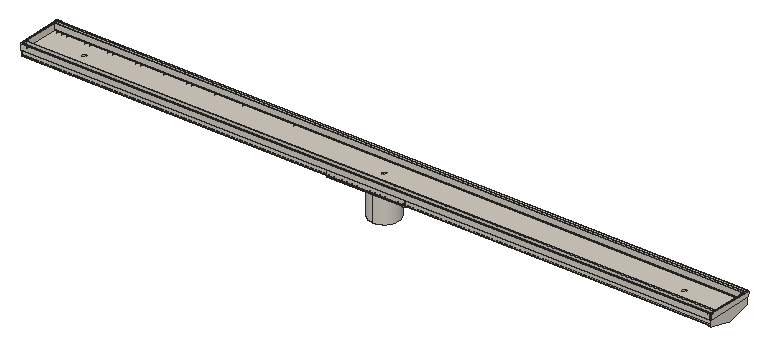
Revit family "Drain_Channel_Nero_TileInsert_50mmOutlet", category Plumbing Fixtures, Revit 2022
Family settings
  Round Connector Dimension = Use Diameter
  Part Type = Normal
  OmniClass Number = 23.31.11.00
  OmniClass Title = Faucets
  Work Plane-Based = No
  Always vertical = Yes
  Cut with Voids When Loaded = Yes
  Maintain Annotation Orientation = No
  Shared = No
  Room Calculation Point = No
Parameters (values of type "Brushed Nickel (NRFG007HSBN)")
  Waste Connection = no
  WFU = 0
  Vent Connection = no
  Uniclass2015Version = "Products v1.35"
  Uniclass2015Title = "Drainage channels with gratings"
  Uniclass2015Code = "Pr_65_52_24_24"
  URL = "https://nerotapware.com.au/"
  Type Comments = "Drain - Channel - 50mm Outlet - Brushed Nickel"
  ModifiedIssue = 20251105
  Model = "NRFG007HSBN"
  Material = Metal_Nickel_Nero_Brushed
  ManufacturerURLProductSpecific = "https://nerotapware.com.au/product/tile-insert-v-channel-1200mm-floor-grate-50mm-outlet-with-hole-saw-brushed-nickel-nrfg007hsbn/"
  ManufacturerSpecCode = "NRFG007HSBN"
  ManufacturerOverallWidth = 1200 mm
  ManufacturerOverallHeight = 76 mm
  ManufacturerOverallDepth = 82 mm
  Manufacturer = "Nero"
  IfcExportType = "NOTDEFINED"
  IfcExportAs = "IfcSanitaryTerminal"
  HWFU = 0
  HW Connection = yes
  Description = "Tile Insert V Channel 1200mm Floor Grate 50mm Outlet With Hole Saw Brushed Nickel"
  Default Elevation = 0 mm  # constant formula
  CreatedByURL = "https://igsgroup.com.au"
  CreatedBy = "IGS BIM Solutions"  # constant formula
  CWFU = 0
  CW Connection = yes
  Assembly Code = "D2010"
Types (10, lengths in mm): name | Type Comments | Model | Material | ManufacturerURLProductSpecific | ManufacturerSpecCode | ManufacturerOverallWidth | Description
  Brushed Bronze (NRFG007HSBZ) | "Drain - Channel - 50mm Outlet - Brushed Bronze" | "NRFG007HSBZ" | Metal_Bronze_Nero_Brushed | "https://nerotapware.com.au/product/tile-insert-v-channel-1200mm-floor-grate-50mm-outlet-with-hole-saw-brushed-bronze-nrfg007hsbz/" | "NRFG007HSBZ" | 1200 | "Tile Insert V Channel 1200mm Floor Grate 50mm Outlet With Hole Saw Brushed Bronze"
  Brushed Nickel (NRFG007HSBN) | "Drain - Channel - 50mm Outlet - Brushed Nickel" | "NRFG007HSBN" | Metal_Nickel_Nero_Brushed | "https://nerotapware.com.au/product/tile-insert-v-channel-1200mm-floor-grate-50mm-outlet-with-hole-saw-brushed-nickel-nrfg007hsbn/" | "NRFG007HSBN" | 1200 | "Tile Insert V Channel 1200mm Floor Grate 50mm Outlet With Hole Saw Brushed Nickel"
  Brushed Gold (NRFG007HSBG) | "Drain - Channel - 50mm Outlet - Brushed Gold" | "NRFG007HSBG" | Metal_Gold_Nero_Brushed | "https://nerotapware.com.au/product/tile-insert-v-channel-1200mm-floor-grate-50mm-outlet-with-hole-saw-brushed-gold-nrfg007hsbg/" | "NRFG007HSBG" | 1200 | "Tile Insert V Channel 1200mm Floor Grate 50mm Outlet With Hole Saw Brushed Gold"
  Matte Black (NRFG007HSMB) | "Drain - Channel - 50mm Outlet - Matte Black" | "NRFG007HSMB" | Metal_MatteBlack_Nero | "https://nerotapware.com.au/product/tile-insert-v-channel-1200mm-floor-grate-50mm-outlet-with-hole-saw-matte-black-nrfg007hsmb/" | "NRFG007HSMB" | 1200 | "Tile Insert V Channel 1200mm Floor Grate 50mm Outlet With Hole Saw Matte Black"
  Gunmetal (NRFG007HSGM) | "Drain - Channel - 50mm Outlet - Gunmetal" | "NRFG007HSGM" | Metal_GunMetal_Nero | "https://nerotapware.com.au/product/tile-insert-v-channel-1200mm-floor-grate-50mm-outlet-with-hole-saw-gun-metal-nrfg007hsgm/" | "NRFG007HSGM" | 1200 | "Tile Insert V Channel 1200mm Floor Grate 50mm Outlet With Hole Saw Gun Metal"
  Brushed Bronze (NRFG006HSBZ) | "Drain - Channel - 50mm Outlet - Brushed Bronze" | "NRFG006HSBZ" | Metal_Bronze_Nero_Brushed | "https://nerotapware.com.au/product/tile-insert-v-channel-600mm-floor-grate-50mm-outlet-with-hole-saw-brushed-bronze-nrfg006hsbz/" | "NRFG006HSBZ" | 600 | "Tile Insert V Channel 600mm Floor Grate 50mm Outlet With Hole Saw"
  Brushed Nickel (NRFG006HSBN) | "Drain - Channel - 50mm Outlet - Brushed Nickel" | "NRFG006HSBN" | Metal_Nickel_Nero_Brushed | "https://nerotapware.com.au/product/tile-insert-v-channel-600mm-floor-grate-50mm-outlet-with-hole-saw-brushed-nickel-nrfg006hsbn/" | "NRFG006HSBN" | 600 | "Tile Insert V Channel 600mm Floor Grate 50mm Outlet With Hole Saw Brushed Nickel"
  Brushed Gold (NRFG006HSBG) | "Drain - Channel - 50mm Outlet - Brushed Gold" | "NRFG006HSBG" | Metal_Gold_Nero_Brushed | "https://nerotapware.com.au/product/tile-insert-v-channel-600mm-floor-grate-50mm-outlet-with-hole-saw-brushed-gold-nrfg006hsbg/" | "NRFG006HSBG" | 600 | "Tile Insert V Channel 600mm Floor Grate 50mm Outlet With Hole Saw Brushed Gold"
  Matte Black (NRFG006HSMB) | "Drain - Channel - 50mm Outlet - Matte Black" | "NRFG006HSMB" | Metal_MatteBlack_Nero | "https://nerotapware.com.au/product/tile-insert-v-channel-600mm-floor-grate-50mm-outlet-with-hole-saw-matte-black-nrfg006hsmb/" | "NRFG006HSMB" | 600 | "Tile Insert V Channel 600mm Floor Grate 50mm Outlet With Hole Saw Matte Black"
  Gunmetal (NRFG006HSGM) | "Drain - Channel - 50mm Outlet - Gunmetal" | "NRFG006HSGM" | Metal_GunMetal_Nero | "https://nerotapware.com.au/product/tile-insert-v-channel-600mm-floor-grate-50mm-outlet-with-hole-saw-gun-metal-nrfg006hsgm/" | "NRFG006HSGM" | 600 | "Tile Insert V Channel 600mm Floor Grate 50mm Outlet With Hole Saw Gun Metal"
Reference planes
  plane 1 "Bottom": z = -76
  plane 2 "Ref. Level": z = 0
  plane 3 "Right": x = 636.665
  plane 4 "Left": x = -563.335
  plane 5 "Center (Front/Back)": y = 73.462
  plane 6 "Back": y = 114.462
  plane 7 "Center (Left/Right)": x = 36.665
  plane 8 "Top": z = 0
  plane 9 "Front": y = 32.462
  plane 10 "LeftOffset": x = -560.335
  plane 11 "RightOffset": x = 633.665
Forms (mm)
  Extrusion 1, solid, material "Metal_Nickel_Nero_Brushed" <- "Material"
    sketch origin (-636.066, 73.462, 1185) x (-1, 0, 0) y (0, 0, -1)
      loop
        line (-1272.731, 1194.5) -> (-1272.731, 1186.5)
        arc (-1272.731, 1186.5) -> (-1271.231, 1185) -> (-1269.731, 1186.5) r 1.5
        line (-1269.731, 1186.5) -> (-1269.731, 1218.618) -> (-1270.931, 1218.618) -> (-1270.931, 1186.5)
        arc (-1270.931, 1186.5) -> (-1271.231, 1186.2) -> (-1271.531, 1186.5) r 0.3
        line (-1271.531, 1186.5) -> (-1271.531, 1194.5) -> (-1272.731, 1194.5)
      loop
        line (-72.731, 1194.5) -> (-73.931, 1194.5) -> (-73.931, 1186.5)
        arc (-73.931, 1186.5) -> (-74.231, 1186.2) -> (-74.531, 1186.5) r 0.3
        line (-74.531, 1186.5) -> (-74.531, 1218.618) -> (-75.731, 1218.618) -> (-75.731, 1186.5)
        arc (-75.731, 1186.5) -> (-74.231, 1185) -> (-72.731, 1186.5) r 1.5
        line (-72.731, 1186.5) -> (-72.731, 1194.5)
    from -41 to 41
  Extrusion 2, solid, material "Metal_Nickel_Nero_Brushed" <- "Material"
    sketch origin (36.665, 85, -47.5) x (0, 1, 0) y (0, 0, 1)
      loop
        line (28.858, 37.079) -> (27.658, 37.079) -> (27.658, 27.579)
        arc (27.658, 27.579) -> (27.324, 26.565) -> (26.453, 25.949) r 1.704
        line (26.453, 25.949) -> (-11.111, 16.233)
        arc (-11.111, 16.233) -> (-11.538, 16.178) -> (-11.964, 16.233) r 1.704
        line (-11.964, 16.233) -> (-49.383, 25.912)
        arc (-49.383, 25.912) -> (-50.354, 26.506) -> (-50.733, 27.579) r 1.704
        line (-50.733, 27.579) -> (-50.733, 37.079) -> (-51.933, 37.079) -> (-51.933, 27.579)
        arc (-51.933, 27.579) -> (-51.295, 25.762) -> (-49.662, 24.744) r 2.904
        line (-49.662, 24.744) -> (-12.265, 15.071)
        arc (-12.265, 15.071) -> (-11.538, 14.978) -> (-10.81, 15.071) r 2.904
        line (-10.81, 15.071) -> (26.585, 24.744)
        arc (26.585, 24.744) -> (28.219, 25.762) -> (28.858, 27.579) r 2.904
        line (28.858, 27.579) -> (28.858, 37.079)
    from -67.5 to 67.5
  Revolve 3, solid, material "Metal_Nickel_Nero_Brushed" <- "Material"
    sketch origin (36.665, 85, -47.5) x (0, 1, 0) y (0, 0, 1)
      loop
        line (-11.538, 25.093) -> (-11.538, -28.5) -> (13.462, -28.5) -> (13.462, 25.093) -> (-11.538, 25.093)
      axis (-11.538, -28.5) -> (-11.538, 25.093)
    angle from 0 to 360
  Extrusion 4, solid, material "Metal_Nickel_Nero_Brushed" <- "Material"
    sketch origin (36.665, 85, -47.5) x (0, 1, 0) y (0, 0, 1)
      loop
        arc (-41.238, 36.7) -> (-41.945, 36.993) -> (-42.238, 37.7) r 1
        line (-42.238, 37.7) -> (-42.238, 47.5) -> (-43.438, 47.5) -> (-43.438, 37.4)
        arc (-43.438, 37.4) -> (-42.881, 36.056) -> (-41.538, 35.5) r 1.9
        line (-41.538, 35.5) -> (-49.288, 27.75) -> (-48.439, 26.901) -> (-41.041, 34.3) -> (17.965, 34.3) -> (25.364, 26.901) -> (26.212, 27.75) -> (18.462, 35.5) -> (19.362, 35.5)
        arc (19.362, 35.5) -> (20.069, 35.793) -> (20.362, 36.5) r 1
        line (20.362, 36.5) -> (20.362, 47.5) -> (19.162, 47.5) -> (19.162, 37.7)
        arc (19.162, 37.7) -> (18.869, 36.993) -> (18.162, 36.7) r 1
        line (18.162, 36.7) -> (-41.238, 36.7)
    from -597 to 597
  Extrusion 5, solid, material "Metal_Nickel_Nero_Brushed" <- "Material"
    sketch origin (36.665, 85, -47.5) x (0, 1, 0) y (0, 0, 1)
      loop
        line (26.455, 46.006) -> (26.455, 27.674)
        arc (26.455, 27.674) -> (26.324, 27.292) -> (25.986, 27.069) r 0.625
        line (25.986, 27.069) -> (-11.137, 17.469)
        arc (-11.137, 17.469) -> (-11.538, 17.418) -> (-11.938, 17.469) r 1.6
        line (-11.938, 17.469) -> (-49.062, 27.069)
        arc (-49.062, 27.069) -> (-49.4, 27.292) -> (-49.53, 27.674) r 0.625
        line (-49.53, 27.674) -> (-49.53, 46.006)
        arc (-49.53, 46.006) -> (-51.034, 47.509) -> (-52.538, 46.006) r 1.504
        line (-52.538, 46.006) -> (-52.538, 37.474) -> (-51.338, 37.474) -> (-51.338, 46.007)
        arc (-51.338, 46.007) -> (-51.036, 46.309) -> (-50.733, 46.007) r 0.302
        line (-50.733, 46.007) -> (-50.733, 27.422)
        arc (-50.733, 27.422) -> (-50.419, 26.504) -> (-49.609, 25.97) r 1.5
        line (-49.609, 25.97) -> (-11.947, 16.228)
        arc (-11.947, 16.228) -> (-11.538, 16.176) -> (-11.129, 16.228) r 1.633
        line (-11.129, 16.228) -> (26.533, 25.97)
        arc (26.533, 25.97) -> (27.344, 26.504) -> (27.658, 27.422) r 1.5
        line (27.658, 27.422) -> (27.658, 46.007)
        arc (27.658, 46.007) -> (27.96, 46.309) -> (28.262, 46.007) r 0.302
        line (28.262, 46.007) -> (28.262, 37.475) -> (29.462, 37.475) -> (29.462, 46.006)
        arc (29.462, 46.006) -> (27.958, 47.509) -> (26.455, 46.006) r 1.504
    from -597 to 597
  Extrusion 6, void
    sketch origin (-563.335, 0, 0) x (0, 1, 0) y (0, 0, -1)
      loop
        arc (73.053, 31.272) -> (73.462, 31.324) -> (73.871, 31.272) r 1.633
        line (73.871, 31.272) -> (111.533, 21.53)
        arc (111.533, 21.53) -> (112.344, 20.996) -> (112.658, 20.078) r 1.5
        line (112.658, 20.078) -> (112.658, 0) -> (114.462, 0) -> (114.462, 33.618) -> (32.462, 33.618) -> (32.462, 0) -> (34.267, 0) -> (34.267, 20.078)
        arc (34.267, 20.078) -> (34.581, 20.996) -> (35.391, 21.53) r 1.5
        line (35.391, 21.53) -> (73.053, 31.272)
    from 0.581 to -5
  Extrusion 7, void
    sketch origin (636.665, 0, 0) x (0, 1, 0) y (0, 0, 1)
      loop
        line (73.053, -31.272) -> (35.391, -21.53)
        arc (35.391, -21.53) -> (34.581, -20.996) -> (34.267, -20.078) r 1.5
        line (34.267, -20.078) -> (34.267, 0) -> (32.462, 0) -> (32.462, -33.618) -> (114.462, -33.618) -> (114.462, 0) -> (112.658, 0) -> (112.658, -20.078)
        arc (112.658, -20.078) -> (112.344, -20.996) -> (111.533, -21.53) r 1.5
        line (111.533, -21.53) -> (73.871, -31.272)
        arc (73.871, -31.272) -> (73.462, -31.324) -> (73.053, -31.272) r 1.633
    from 0.581 to -5
  Extrusion 8, void
    sketch origin (0, 0, 0) x (0, 1, 0) y (-1, 0, 0)
      loop
        circle (73.462, 483.335) r 3
      loop
        circle (73.462, -556.665) r 3
      loop
        circle (73.462, -36.665) r 3
    from 9.394 to -21.551
  Extrusion 9, void
    sketch origin (0, 0, 0) x (0, 1, 0) y (-1, 0, 0)
      loop
        line (114.462, 563.335) -> (32.462, 563.335) -> (32.462, -636.665) -> (114.462, -636.665) -> (114.462, 563.335)
    from 0 to -76
Cuts and joins
  Extrusion 6, Extrusion 7 cuts Extrusion 1
  Extrusion 8 cuts Extrusion 4
Lines and regions (mm)
  Masking region 1
    outline origin (0, 0, 0) x (0, 1, 0) y (-1, 0, 0)
      loop
        line (114.462, 560.335) -> (112.658, 560.335) -> (112.658, 563.335) -> (34.267, 563.335) -> (34.267, 560.335) -> (32.462, 560.335) -> (32.462, -633.665) -> (34.267, -633.665) -> (34.267, -636.665) -> (112.658, -636.665) -> (112.658, -633.665) -> (114.462, -633.665) -> (114.462, 560.335)
  symbolic lines, style "Waste Outlets", detail levels medium+fine
    curve 1: line (-560.335, 111.455, 0) -> (633.665, 111.455, 0)
    curve 2: line (633.665, 105.362, 0) -> (-560.335, 105.362, 0)
    curve 3: line (633.665, 104.162, 0) -> (-560.335, 104.162, 0)
    curve 4: line (633.665, 42.762, 0) -> (-560.335, 42.762, 0)
    curve 5: line (633.665, 41.562, 0) -> (-560.335, 41.562, 0)
    curve 6: line (633.665, 35.47, 0) -> (-560.335, 35.47, 0)
    curve 7: line (-560.335, 35.47, 0) -> (-560.335, 111.455, 0)
    curve 8: line (633.665, 111.455, 0) -> (633.665, 35.47, 0)
Text (mm)
  text "Disclaimer:\nDue to ongoing product development and manufacturing evolution, product details are subject to change without notice. Please refer to product technical data sheets on the manufacturers website for the most current product information. Please allow a +/- 5mm manufacturing tolerance for dimensions and set-outs shown in product literature." at (834.598, 246.224, 0), in view "Ref. Level"
Dimensions and locks
  "ManufacturerOverallWidth": plane 4 "Left" to plane 3 "Right"
  "ManufacturerOverallDepth": plane 9 "Front" to plane 6 "Back"
  equal spacing: plane 4 "Left", plane 7 "Center (Left/Right)", plane 3 "Right"
  equal spacing: plane 9 "Front", plane 5 "Center (Front/Back)", plane 6 "Back"
  "ManufacturerOverallHeight": plane 8 "Top" to plane 1 "Bottom"
  locked: plane 4 "Left" to plane 10 "LeftOffset" at 3
  locked: plane 11 "RightOffset" to plane 3 "Right" at 3
  locked: plane 4 "Left" to Extrusion 8 sketch curve at 80
  locked: Extrusion 8 sketch curve to plane 3 "Right" at 80
  aligned and locked: plane 10 "LeftOffset" to Extrusion 4
  aligned and locked: plane 10 "LeftOffset" to Extrusion 5
  aligned and locked: plane 11 "RightOffset" to Extrusion 4
  aligned and locked: plane 11 "RightOffset" to Extrusion 5
Automatic sketch dimensions
  Extrusion 2 sketch curve to Extrusion 2 sketch curve = 0 mm  (x6)
  Extrusion 2 sketch curve to plane 9 "Front" = 0.604 mm
  Extrusion 2 sketch curve to Extrusion 2 sketch curve = 1.2 mm
  Extrusion 2 sketch curve to plane 9 "Front" = 2.876 mm
  Extrusion 2 sketch curve to Extrusion 2 sketch curve = 0.278 mm
  Extrusion 2 sketch curve to Extrusion 2 sketch curve = 1.704 mm
  plane 5 "Center (Front/Back)" to Extrusion 2 sketch curve = 0.727 mm
  plane 5 "Center (Front/Back)" to Extrusion 2 sketch curve = 0.427 mm
  Extrusion 2 sketch curve to plane 5 "Center (Front/Back)" = 0 mm
  Extrusion 2 sketch curve to plane 5 "Center (Front/Back)" = 0.427 mm
  Extrusion 2 sketch curve to plane 5 "Center (Front/Back)" = 0.727 mm
  plane 6 "Back" to Extrusion 2 sketch curve = 3.509 mm
  Extrusion 2 sketch curve to Extrusion 2 sketch curve = 0.5 mm
  Extrusion 2 sketch curve to Extrusion 2 sketch curve = 0.131 mm
  plane 6 "Back" to Extrusion 2 sketch curve = 1.804 mm
  plane 6 "Back" to Extrusion 2 sketch curve = 0.604 mm
  Extrusion 2 sketch curve to level = 32.429 mm
  Extrusion 2 sketch curve to Extrusion 2 sketch curve = 1.162 mm
  Extrusion 2 sketch curve to Extrusion 2 sketch curve = 1.65 mm
  Extrusion 2 sketch curve to level = 22.756 mm  (x2)
  Extrusion 2 sketch curve to Extrusion 2 sketch curve = 9.5 mm  (x2)
  Revolve 3 sketch curve to plane 5 "Center (Front/Back)" = 0 mm  (x2)
  Revolve 3 sketch curve to plane 1 "Bottom" = 0 mm
  plane 6 "Back" to Revolve 3 sketch curve = 16 mm
  Revolve 3 sketch curve to level = 22.407 mm
  plane 1 "Bottom" to Revolve 3 sketch curve = 5 mm
  Revolve 3 sketch curve to Revolve 3 sketch curve = 16.731 mm
  Extrusion 4 sketch curve to level = 0 mm  (x2)
  Extrusion 4 sketch curve to plane 9 "Front" = 3.25 mm
  Extrusion 4 sketch curve to Extrusion 4 sketch curve = 0.849 mm  (x2)
  Extrusion 4 sketch curve to plane 9 "Front" = 9.1 mm
  Extrusion 4 sketch curve to Extrusion 4 sketch curve = 1.2 mm  (x2)
  Extrusion 4 sketch curve to Extrusion 4 sketch curve = 0.7 mm
  Extrusion 4 sketch curve to Extrusion 4 sketch curve = 0.3 mm  (x3)
  Extrusion 4 sketch curve to Extrusion 4 sketch curve = 0.497 mm
  plane 6 "Back" to Extrusion 4 sketch curve = 11.497 mm
  Extrusion 4 sketch curve to Extrusion 4 sketch curve = 0.197 mm
  Extrusion 4 sketch curve to Extrusion 4 sketch curve = 1 mm  (x2)
  Extrusion 4 sketch curve to Extrusion 4 sketch curve = 0.9 mm
  plane 6 "Back" to Extrusion 4 sketch curve = 4.098 mm
  Extrusion 4 sketch curve to level = 9.8 mm
  Extrusion 4 sketch curve to Extrusion 4 sketch curve = 0.2 mm
  Extrusion 5 sketch curve to plane 9 "Front" = 0 mm
  Extrusion 5 sketch curve to plane 6 "Back" = 0 mm
  Extrusion 5 sketch curve to Extrusion 5 sketch curve = 1.2 mm
  Extrusion 5 sketch curve to Extrusion 5 sketch curve = 0.302 mm
  Extrusion 5 sketch curve to Extrusion 5 sketch curve = 0.001 mm  (x4)
  Extrusion 5 sketch curve to Extrusion 5 sketch curve = 0.079 mm
  Extrusion 5 sketch curve to Extrusion 5 sketch curve = 0.297 mm
  Extrusion 5 sketch curve to Extrusion 5 sketch curve = 0.171 mm  (x2)
  Extrusion 5 sketch curve to Extrusion 5 sketch curve = 0.328 mm
  plane 5 "Center (Front/Back)" to Extrusion 5 sketch curve = 0.409 mm
  plane 5 "Center (Front/Back)" to Extrusion 5 sketch curve = 0.401 mm
  Extrusion 5 sketch curve to plane 5 "Center (Front/Back)" = 0 mm  (x2)
  Extrusion 5 sketch curve to plane 5 "Center (Front/Back)" = 0.401 mm
  Extrusion 5 sketch curve to plane 5 "Center (Front/Back)" = 0.409 mm
  plane 6 "Back" to Extrusion 5 sketch curve = 3.632 mm
  Extrusion 5 sketch curve to Extrusion 5 sketch curve = 0.156 mm
  Extrusion 5 sketch curve to level = 1.494 mm  (x2)
  plane 6 "Back" to Extrusion 5 sketch curve = 3.007 mm
  Extrusion 5 sketch curve to Extrusion 5 sketch curve = 0.547 mm
  Extrusion 5 sketch curve to Extrusion 5 sketch curve = 0.301 mm
  Extrusion 5 sketch curve to Extrusion 5 sketch curve = 8.531 mm
  Extrusion 5 sketch curve to level = 10.026 mm
  Extrusion 5 sketch curve to Extrusion 5 sketch curve = 9.8 mm  (x2)
  Extrusion 5 sketch curve to Extrusion 5 sketch curve = 0.252 mm  (x2)
  Extrusion 5 sketch curve to level = 28.482 mm
  Extrusion 5 sketch curve to Extrusion 5 sketch curve = 1.208 mm
  Extrusion 5 sketch curve to Extrusion 5 sketch curve = 0.341 mm
  Extrusion 5 sketch curve to Extrusion 5 sketch curve = 1.24 mm
  Extrusion 6 sketch curve to plane 9 "Front" = 0 mm
  Extrusion 6 sketch curve to level = 0 mm  (x2)
  Extrusion 6 sketch curve to plane 6 "Back" = 0 mm
  plane 9 "Front" to Extrusion 6 sketch curve = 1.804 mm
  Extrusion 6 sketch curve to Extrusion 6 sketch curve = 1.124 mm
  Extrusion 6 sketch curve to Extrusion 6 sketch curve = 1.5 mm
  Extrusion 6 sketch curve to plane 5 "Center (Front/Back)" = 0.409 mm
  plane 5 "Center (Front/Back)" to Extrusion 6 sketch curve = 0 mm
  plane 5 "Center (Front/Back)" to Extrusion 6 sketch curve = 0.409 mm
  Extrusion 6 sketch curve to plane 6 "Back" = 3.304 mm
  Extrusion 6 sketch curve to Extrusion 6 sketch curve = 0.376 mm
  Extrusion 6 sketch curve to plane 6 "Back" = 1.804 mm
  level to Extrusion 6 sketch curve = 20.078 mm  (x2)
  level to Extrusion 6 sketch curve = 29.691 mm
  Extrusion 6 sketch curve to Extrusion 6 sketch curve = 1.581 mm
  Extrusion 6 sketch curve to Extrusion 6 sketch curve = 12.088 mm
  Extrusion 7 sketch curve to plane 9 "Front" = 0 mm
  Extrusion 7 sketch curve to level = 0 mm  (x2)
  Extrusion 7 sketch curve to plane 6 "Back" = 0 mm
  Extrusion 7 sketch curve to Extrusion 7 sketch curve = 1.804 mm
  Extrusion 7 sketch curve to Extrusion 7 sketch curve = 1.124 mm
  Extrusion 7 sketch curve to Extrusion 7 sketch curve = 1.5 mm
  plane 5 "Center (Front/Back)" to Extrusion 7 sketch curve = 0.409 mm
  Extrusion 7 sketch curve to plane 5 "Center (Front/Back)" = 0 mm
  Extrusion 7 sketch curve to plane 5 "Center (Front/Back)" = 0.409 mm
  plane 6 "Back" to Extrusion 7 sketch curve = 3.304 mm
  Extrusion 7 sketch curve to Extrusion 7 sketch curve = 0.376 mm
  plane 6 "Back" to Extrusion 7 sketch curve = 1.804 mm
  Extrusion 7 sketch curve to level = 20.078 mm  (x2)
  Extrusion 7 sketch curve to level = 29.691 mm
  Extrusion 7 sketch curve to Extrusion 7 sketch curve = 1.581 mm
  Extrusion 7 sketch curve to Extrusion 7 sketch curve = 12.088 mm
  Extrusion 1 sketch curve to Extrusion 1 sketch curve = 0 mm  (x4)
  Extrusion 1 sketch curve to plane 3 "Right" = 0 mm
  Extrusion 1 sketch curve to plane 11 "RightOffset" = 0 mm
  plane 10 "LeftOffset" to Extrusion 1 sketch curve = 0 mm
  plane 4 "Left" to Extrusion 1 sketch curve = 0 mm
  Extrusion 1 sketch curve to Extrusion 1 sketch curve = 1.2 mm
  plane 10 "LeftOffset" to Extrusion 1 sketch curve = 1.2 mm
  Extrusion 1 sketch curve to level = 1.5 mm  (x2)
  Extrusion 1 sketch curve to Extrusion 1 sketch curve = 8 mm  (x2)
  Extrusion 1 sketch curve to Extrusion 1 sketch curve = 24.118 mm  (x2)
  plane 5 "Center (Front/Back)" to Extrusion 8 sketch curve = 0 mm  (x3)
  Extrusion 8 sketch curve to plane 7 "Center (Left/Right)" = 0 mm
  plane 9 "Front" to Masking region 1 sketch curve = 0 mm
  Masking region 1 sketch curve to plane 3 "Right" = 0 mm
  Masking region 1 sketch curve to plane 4 "Left" = 0 mm
  Masking region 1 sketch curve to plane 10 "LeftOffset" = 0 mm  (x2)
  Masking region 1 sketch curve to plane 11 "RightOffset" = 0 mm  (x2)
  plane 6 "Back" to Masking region 1 sketch curve = 0 mm
  Masking region 1 sketch curve to plane 9 "Front" = 1.804 mm  (x2)
  plane 6 "Back" to Masking region 1 sketch curve = 1.804 mm  (x2)
  curve 7 to plane 10 "LeftOffset" = 0 mm
  curve 6 to plane 11 "RightOffset" = 0 mm
  curve 7 to plane 9 "Front" = 3.007 mm
  plane 6 "Back" to curve 7 = 3.007 mm
  curve 6 to curve 5 = 6.093 mm
  curve 5 to curve 4 = 1.2 mm
  curve 3 to curve 1 = 7.292 mm
  curve 3 to curve 2 = 1.2 mm
  Extrusion 9 sketch curve to plane 4 "Left" = 0 mm
  plane 9 "Front" to Extrusion 9 sketch curve = 0 mm
  plane 6 "Back" to Extrusion 9 sketch curve = 0 mm
  Extrusion 9 sketch curve to plane 3 "Right" = 0 mm
  radius of Extrusion 8 sketch curve = 3 mm  (x3)
Connectors
  piping at (36.665, 73.462, -76), diameter 49, driven by "Waste Connection"
    settings: on Revolve 3, index 2, connector inside diameter 609.6 mm, connector length 0 mm, flow factor 0, pipe flow 0.0 L/s, pressure drop 0.0 Pa, fitting loss kfactor 0, connector angle 0.00°, fixture units 0, engagement length 0 mm, angle of deflection 0.00°, flow configuration 2, flow direction 2, fitting loss method 4, system type 16, joint type 0, gender type 0, connector reference index -1, connector utility 0, adjustable connector no, is connector primary yes, connector description "Waste Outlet"
